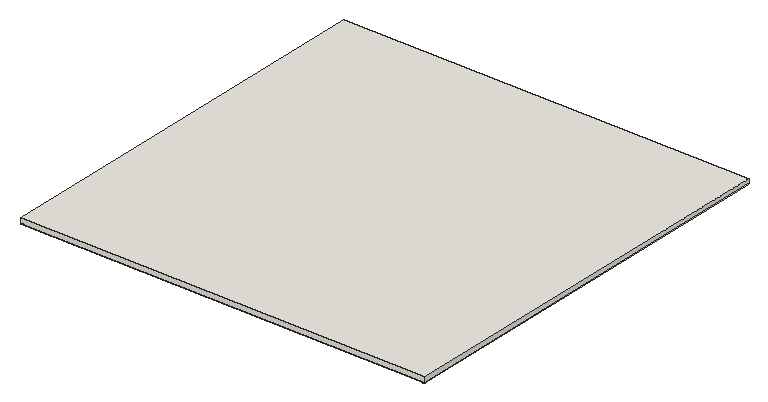
Revit family "ERA_LF_CS_SPL-510", category Осветительные приборы, Revit 2019
Family settings
  Размер круглого соединителя = Использовать диаметр
  Тип детали = Нормальный
  Номер OmniClass = 23.80.70.00
  Заголовок OmniClass = Lighting
  На основе рабочей плоскости = Нет
  Всегда вертикально = Да
  При загрузке вырезать с полостями = Нет
  Источник света = Да
  Общий = Нет
  Точка расчета площади = Да
Parameters (values of type "SPL-510-S-40K-040, LED, IP40, 595х595х8 мм (ДхШхВ), 40 Вт, 4000 К, 3420 лм, класс защиты III, в комплекте (внешний ac/dc драйвер с гальванической развязкой)")
  built-in parameter 1150104 = 13.8 (stored number, unit not read)
  built-in parameter 1150134 = 2
  Файл фотометрической сетки = "SPL-510-S-40K-040.ies"
  Угол наклона = 90.00°
  built-in parameter 1150142 = "IESNA:LM-63-1995\r\n[DATA] 13.11.2020\r\n[MANUFAC]??РА\r\n[LUMCAT] \r\n[LUMINAIRE] Светильник SPL-510-S-40K-040 \r\n[LAMP] Светодиодный модуль\r\nTILT=NONE\r\n1 3418 3.416 91 1 1 2 0.595 0.595 0.008\r\n1 1 39.01\r\n0 1 2 3 4 5 6 7 8 9 10 11 12 13 14 15 16 17 18 19 20 21 22 23 24 25 26 27 28 29 30 31 32 33 34 35 36 37 38 39 40 41 42 43 44 45 46 47 48 49 50 51 52 53 54 55 56 57 58 59 60 61 62 63 64 65 66 67 68 69 70 71 72 73 74 75 76 77 78 79 80 81 82 83 84 85 86 87 88 89 90 \r\n0\r\n342.5 342.4 342.2 341.9 341.5 340.9 340.2 339.4 338.5 337.5 336.3 335 333.6 332.1 330.4 328.7 326.8 324.8 322.6 320.4 318.1 315.6 313 310.3 307.5 304.6 301.7 298.5 295.3 292 288.6 285.1 281.5 277.8 274 270.1 266.2 262.1 258 253.8 249.5 245.2 240.8 236.3 231.7 227.1 222.4 217.7 212.9 208.1 203.3 198.3 193.4 188.4 183.4 178.3 173.2 168.1 163 157.8 152.6 147.5 142.3 137 131.8 126.6 121.4 116.2 111 105.8 100.6 95.4 90.2 85.1 79.9 74.8 69.7 64.6 59.5 54.4 49.3 44.3 39.3 34.3 29.4 24.4 19.4 14.5 9.9 6.2 3.6"
  _УГО_Ширина = if(_Корпус_Ширина / УГО_Масштаб < 1.00 mm, 1.00 mm, _Корпус_Ширина / УГО_Масштаб)  # 5.95 mm
  УГО_Масштаб = 100
  _УГО_Длина = if(_Корпус_Длина / УГО_Масштаб < 1.00 mm, 1.00 mm, _Корпус_Длина / УГО_Масштаб)  # 5.95 mm
  _УГО_Диаметр = if(_Корпус_Длина / УГО_Масштаб < 1.00 mm, 1.00 mm, _Корпус_Длина / УГО_Масштаб)  # 5.95 mm
  УГО_Видимость [instance] = not(УГО_Реальный размер)  # yes
  УГО_Аварийный [instance] = no
  Тип установки = "Потолочный"
  Степень защиты IP = "IP40"
  built-in parameter 1150137 = (empty or 0)
  built-in parameter 1150132 = 2
  built-in parameter 1150114 = 1 (stored number, unit not read)
  Dimming Lamp Color Temperature Shift = (empty or 0)
  built-in parameter 1150105 = 417.78 (stored number, unit not read)
  Color Filter = 16777215
  Lumens = 3420 lm
  Разработчик модели = "https://www.teslabim.ru"
  built-in parameter 1150109 = 1 (stored number, unit not read)
  built-in parameter 1150112 = 1 (stored number, unit not read)
  built-in parameter 1150110 = 1 (stored number, unit not read)
  built-in parameter 1150113 = 1 (stored number, unit not read)
  built-in parameter 1150115 = 1 (stored number, unit not read)
  built-in parameter 1114218 = 1 (stored number, unit not read)
  built-in parameter 1114217 = 1 (stored number, unit not read)
  built-in parameter 1150106 = 4.1778 (stored number, unit not read)
  Emit from Rectangle Width = _Корпус_Ширина  # 595.00 mm
  Emit from Rectangle Length = _Корпус_Длина  # 595.00 mm
  _Корпус_Ширина = if(ADSK_Размер_Ширина < 1.00 mm, 1.00 mm, ADSK_Размер_Ширина)  # 595.00 mm
  _Корпус_Длина = if(ADSK_Размер_Длина < 1.00 mm, 1.00 mm, ADSK_Размер_Длина)  # 595.00 mm
  built-in parameter 1150133 = 10 (stored number, unit not read)
  Wattage = 35.3435 W
  built-in parameter 1150139 = (empty or 0)
  built-in parameter 1114216 [instance] = 1 (stored number, unit not read)
  Цвет = Белый
  УГО_Реальный размер [instance] = no
  Description = ""
  Lamp = ""
  Комплект = "Внешний AC/DC драйвер с гальванической развязкой"
  Класс пожароопасности = "Нет"
  Класс защиты = "III"
  built-in parameter 1150138 = (empty or 0)
  built-in parameter 1150107 = 4000 (stored number, unit not read)
  built-in parameter 1150102 = (empty or 0)
  Источник света = "LED"
  Manufacturer = ""
  Геометрия изделия = "Квадратный"
  Видимая форма излучения при визуализации = no
  _УГО_Аварийный [instance] = if(УГО_Аварийный, "A", " ")  # " "
  _Корпус_Диаметр = if(ADSK_Размер_Диаметр < 1.00 mm, 1.00 mm, ADSK_Размер_Диаметр)  # 1.00 mm
  _Корпус_Высота = if(ADSK_Размер_Высота < 1.00 mm, 1.00 mm, ADSK_Размер_Высота)  # 8.00 mm
  URL = "https://www.eraworld.ru/catalog/2654264"
  ADSK_Размер_Ширина = 595.00 mm
  ADSK_Размер_Длина = 595.00 mm
  ADSK_Размер_Диаметр = 0.00 mm
  ADSK_Примечание = "Внешний AC/DC драйвер с гальванической развязкой, поликарбонат"
  ADSK_Полная мощность = ADSK_Номинальная мощность / ADSK_Коэффициент мощности  # 42.1053 VA
  ADSK_Позиция = ""
  ADSK_Номинальная мощность = 40 W
  ADSK_Напряжение = 230 V
  ADSK_Наименование краткое = "Светильник"
  ADSK_Масса = 1.675
  ADSK_Марка = "SPL-510-S-40K-040"
  ADSK_Коэффициент мощности = 0.95
  ADSK_Количество фаз = 1
  ADSK_Код изделия = ""
  ADSK_Классификация нагрузок = Освещение
  ADSK_Размер_Высота = 8.00 mm
  ADSK_Обозначение = ADSK_Марка  # "SPL-510-S-40K-040"
  ADSK_Наименование = "Светильник, LED, квадратный, потолочный, IP40, 595х595х8 мм (ДхШхВ), 40 Вт, 4000 К, 3420 лм, класс защиты III, в комплекте (внешний ac/dc драйвер с гальванической развязкой)"
  ADSK_Завод-изготовитель = "ЭРА"
  ADSK_Единица измерения = "шт."
Types (4, lengths in mm): name | Файл фотометрической сетки | built-in parameter 1150142 | built-in parameter 1150107 | URL | ADSK_Марка | ADSK_Обозначение | ADSK_Наименование
  SPL-510-S-40K-040, LED, IP40, 595х595х8 мм (ДхШхВ), 40 Вт, 4000 К, 3420 лм, класс защиты III, в комплекте (внешний ac/dc драйвер с гальванической развязкой) | "SPL-510-S-40K-040.ies" | "IESNA:LM-63-1995\r\n[DATA] 13.11.2020\r\n[MANUFAC]??РА\r\n[LUMCAT] \r\n[LUMINAIRE] Светильник SPL-510-S-40K-040 \r\n[LAMP] Светодиодный модуль\r\nTILT=NONE\r\n1 3418 3.416 91 1 1 2 0.595 0.595 0.008\r\n1 1 39.01\r\n0 1 2 3 4 5 6 7 8 9 10 11 12 13 14 15 16 17 18 19 20 21 22 23 24 25 26 27 28 29 30 31 32 33 34 35 36 37 38 39 40 41 42 43 44 45 46 47 48 49 50 51 52 53 54 55 56 57 58 59 60 61 62 63 64 65 66 67 68 69 70 71 72 73 74 75 76 77 78 79 80 81 82 83 84 85 86 87 88 89 90 \r\n0\r\n342.5 342.4 342.2 341.9 341.5 340.9 340.2 339.4 338.5 337.5 336.3 335 333.6 332.1 330.4 328.7 326.8 324.8 322.6 320.4 318.1 315.6 313 310.3 307.5 304.6 301.7 298.5 295.3 292 288.6 285.1 281.5 277.8 274 270.1 266.2 262.1 258 253.8 249.5 245.2 240.8 236.3 231.7 227.1 222.4 217.7 212.9 208.1 203.3 198.3 193.4 188.4 183.4 178.3 173.2 168.1 163 157.8 152.6 147.5 142.3 137 131.8 126.6 121.4 116.2 111 105.8 100.6 95.4 90.2 85.1 79.9 74.8 69.7 64.6 59.5 54.4 49.3 44.3 39.3 34.3 29.4 24.4 19.4 14.5 9.9 6.2 3.6" | 4000 (stored number, unit not read) | "https://www.eraworld.ru/catalog/2654264" | "SPL-510-S-40K-040" | "SPL-510-S-40K-040" | "Светильник, LED, квадратный, потолочный, IP40, 595х595х8 мм (ДхШхВ), 40 Вт, 4000 К, 3420 лм, класс защиты III, в комплекте (внешний ac/dc драйвер с гальванической развязкой)"
  SPL-510-S-65K-040, LED, IP40, 595х595х8 мм (ДхШхВ), 40 Вт, 6500 К, 3420 лм, класс защиты III, в комплекте (внешний ac/dc драйвер с гальванической развязкой) | "SPL-510-S-65K-040.ies" | "IESNA:LM-63-1995\r\n[DATA] 23.11.2020\r\n[MANUFAC]??РА\r\n[LUMCAT] \r\n[LUMINAIRE] Светильник SPL-510-S-65K-040\r\n[LAMP] Светодиодный модуль\r\nTILT=NONE\r\n1 3392 3.390 91 1 1 2 0.595 0.595 0.008\r\n1 1 35.751\r\n0 1 2 3 4 5 6 7 8 9 10 11 12 13 14 15 16 17 18 19 20 21 22 23 24 25 26 27 28 29 30 31 32 33 34 35 36 37 38 39 40 41 42 43 44 45 46 47 48 49 50 51 52 53 54 55 56 57 58 59 60 61 62 63 64 65 66 67 68 69 70 71 72 73 74 75 76 77 78 79 80 81 82 83 84 85 86 87 88 89 90 \r\n0\r\n342.5 342.4 342.2 341.9 341.5 340.9 340.2 339.4 338.5 337.5 336.3 335 333.6 332.1 330.4 328.7 326.8 324.8 322.6 320.4 318.1 315.6 313 310.3 307.5 304.6 301.7 298.5 295.3 292 288.6 285.1 281.5 277.8 274 270.1 266.2 262.1 258 253.8 249.5 245.2 240.8 236.3 231.7 227.1 222.4 217.7 212.9 208.1 203.3 198.3 193.4 188.4 183.4 178.3 173.2 168.1 163 157.8 152.6 147.5 142.3 137 131.8 126.6 121.4 116.2 111 105.8 100.6 95.4 90.2 85.1 79.9 74.8 69.7 64.6 59.5 54.4 49.3 44.3 39.3 34.3 29.4 24.4 19.4 14.5 9.9 6.2 3.6" | 6500 (stored number, unit not read) | "https://www.eraworld.ru/catalog/2654263" | "SPL-510-S-65K-040" | "SPL-510-S-65K-040" | "Светильник, LED, квадратный, потолочный, IP40, 595х595х8 мм (ДхШхВ), 40 Вт, 6500 К, 3420 лм, класс защиты III, в комплекте (внешний ac/dc драйвер с гальванической развязкой)"
  SPL-510-W-40K-040, LED, IP40, 595х595х8 мм (ДхШхВ), 40 Вт, 4000 К, 3420 лм, класс защиты III, в комплекте (внешний ac/dc драйвер с гальванической развязкой) | "SPL-510-W-40K-040.ies" | "IESNA:LM-63-1995\r\n[DATA] 13.11.2020\r\n[MANUFAC]??РА\r\n[LUMCAT] \r\n[LUMINAIRE] Светильник SPL-510-W-40K-040   \r\n[LAMP] Светодиодный модуль\r\nTILT=NONE\r\n1 3426 3.424 91 1 1 2 0.595 0.595 0.008\r\n1 1 38.77\r\n0 1 2 3 4 5 6 7 8 9 10 11 12 13 14 15 16 17 18 19 20 21 22 23 24 25 26 27 28 29 30 31 32 33 34 35 36 37 38 39 40 41 42 43 44 45 46 47 48 49 50 51 52 53 54 55 56 57 58 59 60 61 62 63 64 65 66 67 68 69 70 71 72 73 74 75 76 77 78 79 80 81 82 83 84 85 86 87 88 89 90 \r\n0\r\n342.5 342.4 342.2 341.9 341.5 340.9 340.2 339.4 338.5 337.5 336.3 335 333.6 332.1 330.4 328.7 326.8 324.8 322.6 320.4 318.1 315.6 313 310.3 307.5 304.6 301.7 298.5 295.3 292 288.6 285.1 281.5 277.8 274 270.1 266.2 262.1 258 253.8 249.5 245.2 240.8 236.3 231.7 227.1 222.4 217.7 212.9 208.1 203.3 198.3 193.4 188.4 183.4 178.3 173.2 168.1 163 157.8 152.6 147.5 142.3 137 131.8 126.6 121.4 116.2 111 105.8 100.6 95.4 90.2 85.1 79.9 74.8 69.7 64.6 59.5 54.4 49.3 44.3 39.3 34.3 29.4 24.4 19.4 14.5 9.9 6.2 3.6" | 4000 (stored number, unit not read) | "https://www.eraworld.ru/catalog/2654266" | "SPL-510-W-40K-040" | "SPL-510-W-40K-040" | "Светильник, LED, квадратный, потолочный, IP40, 595х595х8 мм (ДхШхВ), 40 Вт, 4000 К, 3420 лм, класс защиты III, в комплекте (внешний ac/dc драйвер с гальванической развязкой)"
  SPL-510-W-65K-040, LED, IP40, 595х595х8 мм (ДхШхВ), 40 Вт, 6500 К, 3420 лм, класс защиты III, в комплекте (внешний ac/dc драйвер с гальванической развязкой) | "SPL-510-W-65K-040.ies" | "IESNA:LM-63-1995\r\n[DATA] 28.10.2020\r\n[MANUFAC]??РА\r\n[LUMCAT] \r\n[LUMINAIRE] Светильник SPL-510-W-65K-040 \r\n[LAMP] Светодиодный модуль\r\nTILT=NONE\r\n1 3422 3.420 91 1 1 2 0.595 0.595 0.008\r\n1 1 38.82\r\n0 1 2 3 4 5 6 7 8 9 10 11 12 13 14 15 16 17 18 19 20 21 22 23 24 25 26 27 28 29 30 31 32 33 34 35 36 37 38 39 40 41 42 43 44 45 46 47 48 49 50 51 52 53 54 55 56 57 58 59 60 61 62 63 64 65 66 67 68 69 70 71 72 73 74 75 76 77 78 79 80 81 82 83 84 85 86 87 88 89 90 \r\n0\r\n342.5 342.4 342.2 341.9 341.5 340.9 340.2 339.4 338.5 337.5 336.3 335 333.6 332.1 330.4 328.7 326.8 324.8 322.6 320.4 318.1 315.6 313 310.3 307.5 304.6 301.7 298.5 295.3 292 288.6 285.1 281.5 277.8 274 270.1 266.2 262.1 258 253.8 249.5 245.2 240.8 236.3 231.7 227.1 222.4 217.7 212.9 208.1 203.3 198.3 193.4 188.4 183.4 178.3 173.2 168.1 163 157.8 152.6 147.5 142.3 137 131.8 126.6 121.4 116.2 111 105.8 100.6 95.4 90.2 85.1 79.9 74.8 69.7 64.6 59.5 54.4 49.3 44.3 39.3 34.3 29.4 24.4 19.4 14.5 9.9 6.2 3.6" | 6500 (stored number, unit not read) | "https://www.eraworld.ru/catalog/2654265" | "SPL-510-W-65K-040" | "SPL-510-W-65K-040" | "Светильник, LED, квадратный, потолочный, IP40, 595х595х8 мм (ДхШхВ), 40 Вт, 6500 К, 3420 лм, класс защиты III, в комплекте (внешний ac/dc драйвер с гальванической развязкой)"
Reference planes
  plane 1 "По центру (Вперед/Назад)": y = 0
  plane 2: z = 0
  plane 3 "По центру (Влево/Вправо)": x = 0
  plane 4 "ИС": z = -8
  plane 5 "H": z = 0
Dimensions and locks
  "ADSK_Размер_Высота": plane 4 "ИС" to plane 5 "H"
  aligned and locked: level to plane 2
  aligned and locked: imposter light to plane 4 "ИС"
  aligned and locked: nested 2 to plane 3 "По центру (Влево/Вправо)"
  aligned and locked: plane 1 "По центру (Вперед/Назад)" to nested 2
  aligned and locked: plane 2 to plane 5 "H"
Nested families
  nested 1: "GA_УГО" at (0, 0, 0), visible <- "УГО_Видимость", Аварийный <- "УГО_Аварийный", type "Прямоугольник", detail levels coarse+medium
    with Аварийный no, Ширина 5.95 mm, Длина 5.95 mm
  nested 2: "GM_ОП_Пр_Корпус" at (0, 0, 0) x (-1, 0, 0) z (0, 0, -1), type "GM_ОП_Пр_Корпус"
    with Рассеиватель_Высота 0.40 mm, Корпус_Ширина 595.00 mm, Корпус_Длина 595.00 mm, Корпус_Высота 8.00 mm, Кант_Ширина 29.75 mm
Connectors
  electrical at (0, 0, 0), driven by "ADSK_Коэффициент мощности", driven by "ADSK_Количество фаз", driven by "ADSK_Классификация нагрузок", driven by "ADSK_Напряжение", driven by "ADSK_Полная мощность"
    settings: index 1, voltage 230 V, apparent load 42.1053 VA, apparent load phase1 0 VA, apparent load phase2 0 VA, apparent load phase3 0 VA, power factor 0.95, load classification "Освещение", number of poles 1, system type 30, power factor state 1, is connector primary yes, connector utility no, sub classification motor no, connector description ""
Definition of nested family "GM_ОП_Пр_Корпус"
  Parameters (values of type "GM_ОП_Пр_Корпус")
    Рассеиватель_Высота = Корпус_Высота * 0.05  # 1.15 mm
    Корпус_Ширина = 60.00 mm
    Цвет = none
    Реальный размер = no
    Default Elevation = 1000.00 mm
    Корпус_Длина = 600.00 mm
    Корпус_Высота = 23.00 mm
    Кант_Ширина = Корпус_Ширина * 0.05  # 3.00 mm
  Reference planes
    plane 1 "По центру (Вперед/Назад)": y = 0
    plane 2: z = 0
    plane 3 "По центру (Влево/Вправо)": x = 0
    plane 4 "Ш1": x = 30
    plane 5 "Ш2": x = -30
    plane 6 "Д1": y = 300
    plane 7 "Д2": y = -300
    plane 8 "В": z = 23
    plane 9 "Р": z = 21.85
  Forms (mm)
    Extrusion 1, solid, material <- "Цвет", detail levels fine
      sketch origin (0, 0, 0) x (1, 0, 0) y (0, 1, 0)
        loop
          line (30, -300) -> (30, 300) -> (-30, 300) -> (-30, -300) -> (30, -300)
      from 0 to 21.85
    Extrusion 2, solid, visible <- "Реальный размер", detail levels coarse+medium
      sketch origin (0, 0, 0) x (1, 0, 0) y (0, 1, 0)
        loop
          line (-30, 300) -> (-30, -300) -> (30, -300) -> (30, 300) -> (-30, 300)
      from 0 to 23 <- "Корпус_Высота"
  Dimensions and locks
    equal spacing: plane 5 "Ш2", plane 3 "По центру (Влево/Вправо)", plane 4 "Ш1"
    "Корпус_Ширина": plane 5 "Ш2" to plane 4 "Ш1"
    equal spacing: plane 6 "Д1", plane 1 "По центру (Вперед/Назад)", plane 7 "Д2"
    "Корпус_Длина": plane 6 "Д1" to plane 7 "Д2"
    "Корпус_Высота": plane 2 to plane 8 "В"
    "Рассеиватель_Высота": plane 9 "Р" to plane 8 "В"
    aligned and locked: level to plane 2
    aligned and locked: Extrusion 1 to plane 5 "Ш2"
    aligned and locked: Extrusion 1 to plane 4 "Ш1"
    aligned and locked: Extrusion 1 to plane 6 "Д1"
    aligned and locked: plane 7 "Д2" to Extrusion 1
    aligned and locked: plane 6 "Д1" to Extrusion 2 sketch curve
    aligned and locked: Extrusion 2 sketch curve to plane 7 "Д2"
    aligned and locked: Extrusion 2 sketch curve to plane 5 "Ш2"
    aligned and locked: Extrusion 2 sketch curve to plane 4 "Ш1"
    aligned and locked: Extrusion 1 to plane 2
    aligned and locked: Extrusion 2 to plane 2
    aligned and locked: nested 1 to plane 8 "В"
    aligned and locked: plane 3 "По центру (Влево/Вправо)" to nested 1
    aligned and locked: plane 1 "По центру (Вперед/Назад)" to nested 1
    aligned and locked: Extrusion 1 to plane 9 "Р"
  Automatic sketch dimensions
    Extrusion 1 sketch curve to plane 5 "Ш2" = 0.00 mm
    Extrusion 1 sketch curve to plane 4 "Ш1" = 0.00 mm
    plane 7 "Д2" to Extrusion 1 sketch curve = 0.00 mm
    plane 6 "Д1" to Extrusion 1 sketch curve = 0.00 mm
  Nested families
    nested 1: "GM_ОП_Пр_Рассеиватель" at (0, 0, 21.85), type "GM_ОП_Пр_Рассеиватель"
      with Корпус_Ширина 60.00 mm, Корпус_Длина 600.00 mm, Корпус_Высота 1.15 mm
  Definition of nested family "GM_ОП_Пр_Рассеиватель"
    Parameters (values of type "GM_ОП_Пр_Рассеиватель")
      Корпус_Ширина = 80.00 mm
      Цвет = none
      Default Elevation = 1000.00 mm
      Корпус_Длина = 100.00 mm
      Корпус_Высота = 1.30 mm
      Кант_Ширина = 5.00 mm
    Reference planes
      plane 1 "По центру (Вперед/Назад)": y = 0
      plane 2: z = 0
      plane 3 "По центру (Влево/Вправо)": x = 0
      plane 4 "Ш1": x = 40
      plane 5 "Ш2": x = -40
      plane 6 "Д1": y = 50
      plane 7 "Д2": y = -50
    Forms (mm)
      Extrusion 1, solid, material <- "Цвет", detail levels fine
        sketch origin (0, 0, 0) x (1, 0, 0) y (0, 1, 0)
          loop
            line (40, -50) -> (40, 50) -> (-40, 50) -> (-40, -50) -> (40, -50)
          loop
            line (-35, 45) -> (-35, -45) -> (35, -45) -> (35, 45) -> (-35, 45)
        from 0 to 1.3 <- "Корпус_Высота"
      Extrusion 2, solid, detail levels fine
        sketch origin (20, -32.684, 0) x (1, 0, 0) y (0, 1, 0)
          loop
            line (-55, 77.684) -> (-55, -12.316) -> (15, -12.316) -> (15, 77.684) -> (-55, 77.684)
        from 0 to 1.3 <- "Корпус_Высота"
    Dimensions and locks
      equal spacing: plane 5 "Ш2", plane 3 "По центру (Влево/Вправо)", plane 4 "Ш1"
      "Корпус_Ширина": plane 5 "Ш2" to plane 4 "Ш1"
      equal spacing: plane 6 "Д1", plane 1 "По центру (Вперед/Назад)", plane 7 "Д2"
      "Корпус_Длина": plane 6 "Д1" to plane 7 "Д2"
      "Кант_Ширина": plane 5 "Ш2" to Extrusion 2 sketch curve
      "Кант_Ширина": Extrusion 2 sketch curve to plane 4 "Ш1"
      "Кант_Ширина": plane 6 "Д1" to Extrusion 2 sketch curve
      "Кант_Ширина": plane 7 "Д2" to Extrusion 2 sketch curve
      aligned and locked: level to plane 2
      aligned and locked: plane 5 "Ш2" to Extrusion 1
      aligned and locked: Extrusion 1 to plane 4 "Ш1"
      aligned and locked: Extrusion 1 to plane 6 "Д1"
      aligned and locked: plane 7 "Д2" to Extrusion 1
      aligned and locked: Extrusion 1 to plane 2
      aligned and locked: Extrusion 1 sketch curve to Extrusion 2  (x4)
    Automatic sketch dimensions
      Extrusion 1 sketch curve to plane 5 "Ш2" = 0.00 mm
      Extrusion 1 sketch curve to plane 4 "Ш1" = 0.00 mm
      plane 7 "Д2" to Extrusion 1 sketch curve = 0.00 mm
      plane 6 "Д1" to Extrusion 1 sketch curve = 0.00 mm
Definition of nested family "GA_УГО"
  Parameters (values of type "Прямоугольник")
    Ширина = 10.00 mm
    Прямоугольник = yes
    Круг = no
    Длина = 10.00 mm
    Диаметр = 10.00 mm
    Аварийный [instance] = yes
  Types (3, lengths in mm): name | Прямоугольник | Круг | Аварийный
    Круг | no | yes | yes
    Прямоугольник | yes | no | yes
    Нет | no | no | no
  Reference planes
    plane 1: y = 0
    plane 2: x = 0
  Lines and regions (mm)
    detail lines, visible <- "Круг"
      curve 1: circle (0, 0, 0) r 5 normal (0, 0, 1)
    detail lines, visible <- "Прямоугольник"
      curve 2: line (-5, -5, 0) -> (5, -5, 0)
      curve 3: line (-5, 5, 0) -> (-5, -5, 0)
      curve 4: line (5, 5, 0) -> (-5, 5, 0)
      curve 5: line (5, -5, 0) -> (5, 5, 0)
  Text (mm)
    text "А" at (-0.656, 1.428, 0), visible <- "Аварийный"
  Dimensions and locks
    equal spacing: curve 3, plane 2, curve 5
    equal spacing: curve 2, plane 1, curve 4
    "Ширина": curve 3 to curve 5
    "Длина": curve 2 to curve 4
    "Диаметр": diameter of curve 1
    aligned and locked: plane 2 to curve 1
    aligned and locked: plane 1 to curve 1
